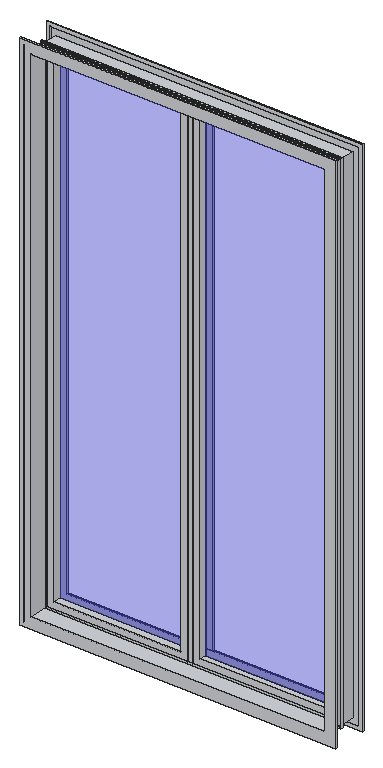
Revit family "1450_Fixed Single Vertical Rail", category Windows, host Wall, Revit 2023
Family settings
  Host = Wall
  OmniClass Number = 23.30.20.00
  OmniClass Title = Windows
  Always vertical = Yes
  Cut with Voids When Loaded = No
  Shared = No
  Room Calculation Point = No
Parameters
  Left Bay Width = 1' - 2 13/16"
  Height = 5' - 0"
  Glass Material = Glass
  Frame Material = none
  Depth From Exterior = 0' - 1"
  Default Sill Height = 3' - 0"
  Wall Closure = By host
  Width = 3' - 0"
Reference planes (in)
  plane 1 "Center (Front/Back)": y = 0
  plane 2: z = 0
  plane 3 "Center (Left/Right)": x = 0
  plane 4 "Left": x = -18
  plane 5 "Right": x = 18
  plane 6 "Sill": z = 36
  plane 7 "Top": z = 96
  plane 8: y = 3
  plane 9: y = 2
  plane 10: y = -0.001
  plane 11: y = 0.777
  plane 12: y = 2
  plane 13: y = 1.875
  plane 14: y = 1.875
  plane 15: y = 0
  plane 16: x = -0.4365
  plane 17: x = -1.2175
  plane 18: x = 0.1255
  plane 19: x = 0.9065
  plane 20: x = 15.719
Forms (in)
  Sweep 1, solid
    path origin (0, 0, 0) x (1, 0, 0) y (0, 0, 1)
      loop
        line (18, 36) -> (18, 96) -> (-18, 96) -> (-18, 36) -> (18, 36)
    profile origin (0, 0, 36) x (0, 0, -1) y (0, -1, 0)
      loop
        line (0, -2) -> (0, -1.826) -> (-0.38089, -1.826) -> (-0.38089, -1.875) -> (-1.37517, -1.875) -> (-1.37517, -1.74219) -> (-1.06367, -1.74219) -> (-1.06367, -0.061) -> (-0.87, -0.061) -> (-0.87, 0.0905) -> (-0.932, 0.0905) -> (-0.932, 0.001) -> (-1.125, 0.001) -> (-1.125, 1.376) -> (-0.932, 1.376) -> (-0.932, 1.28589) -> (-0.87, 1.28589) -> (-0.87, 1.853) -> (-0.38089, 1.853) -> (-0.38089, 1.804) -> (0, 1.804) -> (0, 1.978) -> (-1.25, 1.978) -> (-1.25, 0.001) -> (-1.5, 0.001) -> (-1.5, -1.875) -> (-2.281, -1.875) -> (-2.281, -2) -> (0, -2)
  Sweep 2, solid, material "Glass" <- "Glass Material"
    path origin (0, 0, 0) x (0, 1, 0) y (0, 0, 1)
      loop
        line (1.875, 37.5) -> (1.875, 94.5)
    profile origin (0, 1.875, 66) x (0, -1, 0) y (1, 0, 0)
      loop
        line (0, -16.5) -> (0.25, -16.5) -> (0.25, 16.5) -> (0, 16.5) -> (0, -16.5)
      loop
        line (0.75, -16.5) -> (1, -16.5) -> (1, 16.5) -> (0.75, 16.5) -> (0.75, -16.5)
  Sweep 3, solid
    path origin (0, 0, 0) x (1, 0, 0) y (0, 0, 1)
      loop
        line (-0.96108, 93.719) -> (-0.96108, 38.281)
    profile origin (-0.96108, 0, 66) x (0, -1, 0) y (1, 0, 0)
      loop
        line (-2, 1.86758) -> (-2, -0.25642) -> (-1.875, -0.25642) -> (-1.875, 1.86758) -> (-2, 1.86758)
  Sweep 4, solid
    path origin (-0.53662, 0, 0) x (1, 0, 0) y (0, 0, 1)
      loop
        line (-0.47739, 94.5) -> (-0.47739, 37.5)
    profile origin (-1.01401, 0, 66) x (0, -1, 0) y (1, 0, 0)
      loop
        line (-1.875, 1.13951) -> (-1.875, 0.57751) -> (0, 0.57751) -> (0, 1.13951) -> (-1.875, 1.13951)
  Sweep 5, solid
    path origin (0, 0, 0) x (1, 0, 0) y (0, 0, 1)
      loop
        line (-16.5, 37.5) -> (-0.4365, 37.5) -> (-0.4365, 94.5) -> (-16.5, 94.5) -> (-16.5, 37.5)
    profile origin (-8.46825, 0, 37.5) x (0, 0, 1) y (0, -1, 0)
      loop
        line (0.78093, 0) -> (0, 0) -> (0, -0.624) -> (0.35843, -0.624) -> (0.35843, -0.777) -> (0.78093, -0.777) -> (0.78093, 0)
  Sweep 6, solid
    path origin (0, 0, 0) x (1, 0, 0) y (0, 0, 1)
      loop
        line (0.1255, 37.5) -> (16.5, 37.5) -> (16.5, 94.5) -> (0.1255, 94.5) -> (0.1255, 37.5)
    profile origin (8.31275, 0, 37.5) x (0, 0, 1) y (0, -1, 0)
      loop
        line (0.78093, 0) -> (0, 0) -> (0, -0.624) -> (0.35843, -0.624) -> (0.35843, -0.777) -> (0.78093, -0.777) -> (0.78093, 0)
Lines and regions (in)
  Opening 1
    outline origin (-60, -3, 0) x (1, 0, 0) y (0, 0, 1)
      loop
        line (42, 96) -> (42, 36) -> (78, 36) -> (78, 96) -> (42, 96)
Text (in)
  text "EXTERIOR" at (-58.6888, 50.90694, 0), in view "Ref. Level"
  text "INTERIOR" at (-58.6888, -37.76638, 0), in view "Ref. Level"
  text "Exterior" at (0, 43.65631, 123.19604), in view "Left"
  text "Exterior" at (0, 18.29385, 125.04747), in view "Right"
Dimensions and locks (in)
  equal spacing: plane 4 "Left", plane 3 "Center (Left/Right)", plane 5 "Right"
  "Height": plane 6 "Sill" to plane 7 "Top"
  "Default Sill Height": plane 2 to plane 6 "Sill"
  "Depth From Exterior": plane 8 to plane 9
  "Width": plane 4 "Left" to plane 5 "Right"
  locked: plane 11 to plane 10 at 0.778
  locked: plane 9 to plane 10 at 2.001
  locked: plane 12 to plane 13 at 0.125
  locked: plane 14 to plane 15 at 1.875
  plane 17 to plane 16 to plane 18 to plane 19 = 0' - 0.781" locked, 0' - 0.562" locked, 0' - 0.781" locked
  locked: plane 20 to plane 5 "Right" at 2.281
  "Left Bay Width": plane 19 to plane 20
  plane 19 to plane 17 = 0' - 2.124"
  aligned and locked: plane 7 "Top" to Opening 1 sketch curve
  aligned and locked: plane 6 "Sill" to Opening 1 sketch curve  (x2)
  aligned and locked: plane 5 "Right" to Opening 1 sketch curve
  aligned and locked: plane 4 "Left" to Opening 1 sketch curve
  aligned and locked: level to plane 2
  aligned and locked: Sweep 1 sketch curve to plane 7 "Top"
  aligned and locked: plane 4 "Left" to Sweep 1 sketch curve
  aligned and locked: plane 6 "Sill" to Sweep 1 sketch curve
  aligned and locked: Sweep 1 sketch curve to plane 5 "Right"
  aligned and locked: Sweep 2 sketch curve to Sweep 1  (x5)
  aligned and locked: plane 8 to host wall
  aligned and locked: plane 9 to Sweep 1
  aligned and locked: plane 10 to Sweep 1
  aligned and locked: Sweep 1 to Sweep 3 sketch curve  (x2)
  aligned and locked: plane 12 to Sweep 3
  aligned and locked: plane 13 to Sweep 3
  aligned and locked: plane 12 to plane 9
  aligned and locked: Sweep 1 to Sweep 4 sketch curve  (x2)
  aligned and locked: plane 14 to Sweep 4
  aligned and locked: plane 15 to Sweep 4
  aligned and locked: plane 14 to plane 13
  aligned and locked: plane 17 to Sweep 3
  aligned and locked: plane 16 to Sweep 4
  aligned and locked: plane 18 to Sweep 4
  aligned and locked: plane 19 to Sweep 3
  aligned and locked: plane 20 to Sweep 1
  aligned and locked: Sweep 5 sketch curve to Sweep 1  (x3)
  aligned and locked: Sweep 5 sketch curve to Sweep 4
  aligned and locked: Sweep 5 to plane 15
  aligned and locked: Sweep 5 to plane 11
  aligned and locked: Sweep 6 sketch curve to Sweep 1  (x3)
  aligned and locked: Sweep 6 sketch curve to Sweep 4
  aligned and locked: Sweep 6 to plane 15
  aligned and locked: Sweep 6 to plane 11
Automatic sketch dimensions
  Sweep 1 sketch curve to plane 7 "Top" = 0' - 0"
  profile plane to Sweep 1 sketch curve = 0' - 2.281"
  Sweep 1 sketch curve to Sweep 1 sketch curve = 0' - 0.781"
  Sweep 1 sketch curve to Sweep 1 sketch curve = 0' - 0.12483"
  Sweep 1 sketch curve to Sweep 1 sketch curve = 0' - 0 1/4"
  Sweep 1 sketch curve to Sweep 1 sketch curve = 0' - 0 1/8"
  Sweep 1 sketch curve to Sweep 1 sketch curve = 0' - 0.3115"
  Sweep 1 sketch curve to Sweep 1 sketch curve = 0' - 0.13167"
  Sweep 1 sketch curve to Sweep 1 sketch curve = 0' - 0.193"
  Sweep 1 sketch curve to Sweep 1 sketch curve = 0' - 0.062"  (x3)
  Sweep 1 sketch curve to Sweep 1 sketch curve = 0' - 0.48911"
  Sweep 1 sketch curve to Sweep 1 sketch curve = 0' - 0.68279"
  Sweep 1 sketch curve to Sweep 1 sketch curve = 0' - 0.38089"  (x2)
  Sweep 1 sketch curve to plane 1 "Center (Front/Back)" = 0' - 1 7/8"
  Sweep 1 sketch curve to Sweep 1 sketch curve = 0' - 0"  (x2)
  Sweep 1 sketch curve to Sweep 1 sketch curve = 0' - 0.049"  (x2)
  Sweep 1 sketch curve to Sweep 1 sketch curve = 0' - 0 17/128"
  Sweep 1 sketch curve to Sweep 1 sketch curve = 0' - 1.68119"
  Sweep 1 sketch curve to Sweep 1 sketch curve = 0' - 0.0895"
  Sweep 1 sketch curve to Sweep 1 sketch curve = 0' - 1.19539"
  Sweep 1 sketch curve to Sweep 1 sketch curve = 0' - 0.09011"
  Sweep 1 sketch curve to Sweep 1 sketch curve = 0' - 0.51811"
  Sweep 1 sketch curve to Sweep 1 sketch curve = 0' - 0.174"  (x2)
  Sweep 2 sketch curve to plane 6 "Sill" = 0' - 1 1/2"
  plane 7 "Top" to Sweep 2 sketch curve = 0' - 1 1/2"
  profile plane to Sweep 2 sketch curve = 0' - 0"
  Sweep 2 sketch curve to Sweep 2 sketch curve = 0' - 0 1/4"  (x2)
  Sweep 2 sketch curve to Sweep 2 sketch curve = 0' - 0 3/4"
  Sweep 3 sketch curve to plane 3 "Center (Left/Right)" = 0' - 0.96108"
  Sweep 3 sketch curve to plane 1 "Center (Front/Back)" = 0' - 2"
  Sweep 3 sketch curve to Sweep 3 sketch curve = 0' - 0 1/8"
  profile plane to Sweep 3 sketch curve = 0' - 0.25642"
  Sweep 3 sketch curve to Sweep 3 sketch curve = 0' - 2.124"
  Sweep 4 sketch curve to plane 3 "Center (Left/Right)" = 0' - 1.01401"
  Sweep 4 sketch curve to profile plane = 0' - 0.57751"
  Sweep 4 sketch curve to plane 1 "Center (Front/Back)" = 0' - 1 7/8"
  Sweep 4 sketch curve to Sweep 4 sketch curve = 0' - 1 7/8"
  Sweep 4 sketch curve to Sweep 4 sketch curve = 0' - 0.562"
  Sweep 5 sketch curve to profile plane = 0' - 0"
  Sweep 5 sketch curve to Sweep 5 sketch curve = 0' - 0.35843"
  Sweep 5 sketch curve to Sweep 5 sketch curve = 0' - 0.4225"
  Sweep 5 sketch curve to plane 1 "Center (Front/Back)" = 0' - 0.777"
  Sweep 5 sketch curve to Sweep 5 sketch curve = 0' - 0.153"
  Sweep 5 sketch curve to Sweep 5 sketch curve = 0' - 0.624"
  Sweep 6 sketch curve to profile plane = 0' - 0"
  Sweep 6 sketch curve to Sweep 6 sketch curve = 0' - 0.35843"
  Sweep 6 sketch curve to Sweep 6 sketch curve = 0' - 0.4225"
  Sweep 6 sketch curve to plane 1 "Center (Front/Back)" = 0' - 0.777"
  Sweep 6 sketch curve to Sweep 6 sketch curve = 0' - 0.153"
  Sweep 6 sketch curve to Sweep 6 sketch curve = 0' - 0.624"
